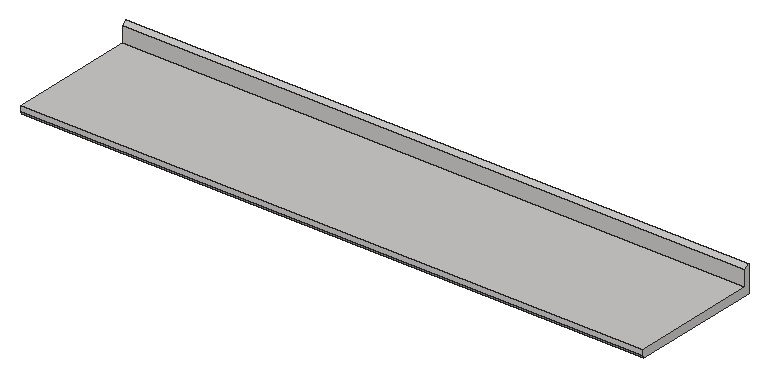
Revit family "QF_ELECTROLUXPROFESSIONAL_121171_TPLA33A", category Attrezzature speciali, Revit 2020
Family settings
  Quota connettore circolare = Usa diametro
  Tipo di parte = Normale
  Basato su piano di lavoro = No
  Sempre verticale = Sì
  Taglio con vuoti quando caricato = No
  Condiviso = No
  Punto di calcolo locali = No
Parameters (values of type "Standard")
  Weight = 104.00 kg
  Watts = 0 W
  Volts = 0 V
  URL Manufacturer = "https://www.electroluxprofessional.com/"
  URL = "https://www.electroluxprofessional.com/"
  Steam Supply Size = 0 mm
  Steam Supply Minimum Pressure = 0.0 Pa
  Steam Supply Maximum Pressure = 0.0 Pa
  Steam Consumption per Hour = 0
  Refrigeration Suction Line Size = 0.0 mm
  Refrigeration Liquid Line Size = 0.0 mm
  Refrigerant Compressor Remote = yes
  Prospetto di default = 0.0 mm
  Phase = 0
  Modello = "TPLA33A"
  Produttore = "Electrolux Professional"
  Length Actual = 3300.0 mm  # constant formula
  Item Number = "121171"
  Hot Water Size = 0 mm
  Height Actual = 140.0 mm  # constant formula
  HP = "0 HP"
  Gas Size = 0 mm
  Gas KW = 0
  Gas Input Pressure = 0 W
  Direct Waste Size = 0 mm
  Descrizione = "WORK TOP WITH UPSTAND 3300MM"
  Depth Actual = 700.0 mm  # constant formula
  Cycle = 0 Hz
  Condensate Return Size = 0 mm
  Compressed Air Volume = 0.0 L/s
  Compressed Air Size = 0 mm
  Compressed Air Pressure = 0.0 Pa
  Cold Water Size = 0 mm
  Accessory = yes
Reference planes
  plane 1 "Center (Front/Back)": y = 0
  plane 2: z = 0
  plane 3 "Center (Left/Right)": x = -1150
  plane 4 "LEFT": x = -2800
  plane 5 "RIGHT": x = 500
  plane 6 "BACK": y = 350
  plane 7 "FRONT": y = -350
  plane 8 "TOP": z = 1000
  plane 9: z = 900
  plane 10: z = 860
Forms (mm)
  Extrusion 1, solid, material "QF_Finishes_Stainless Steel"
    sketch origin (-1150, 0, 0) x (0, 1, 0) y (0, 0, 1)
      loop
        line (350, 1000) -> (330, 980) -> (330, 900) -> (-350, 900) -> (-350, 870) -> (-340, 860) -> (350, 860) -> (350, 1000)
    from 1650 to -1650
Lines and regions (mm)
  symbolic lines
    curve 1: line (500, 350, 1000) -> (-2800, 350, 1000)
    curve 2: line (-2800, 350, 1000) -> (-2800, -350, 1000)
    curve 3: line (-2800, -350, 1000) -> (500, -350, 1000)
    curve 4: line (500, -350, 1000) -> (500, 350, 1000)
    curve 5: line (-2800, 330, 1000) -> (500, 330, 1000)
Dimensions and locks
  plane 4 "LEFT" to plane 5 "RIGHT" = 3300.0 mm
  equal spacing: plane 4 "LEFT", plane 3 "Center (Left/Right)", plane 5 "RIGHT"
  plane 6 "BACK" to plane 7 "FRONT" = 700.0 mm
  equal spacing: plane 6 "BACK", plane 1 "Center (Front/Back)", plane 7 "FRONT"
  locked: plane 8 "TOP" to plane 9 at 100
  locked: plane 6 "BACK" to Extrusion 1 sketch curve at 20
  plane 10 to level = 860.0 mm
  plane 8 "TOP" to plane 10 = 140.0 mm
  aligned and locked: level to plane 2
  aligned and locked: Extrusion 1 to plane 4 "LEFT"
  aligned and locked: plane 5 "RIGHT" to Extrusion 1
  aligned and locked: curve 2 to plane 4 "LEFT"
  aligned and locked: Extrusion 1 sketch curve to plane 9
  aligned and locked: Extrusion 1 sketch curve to plane 6 "BACK"
  aligned and locked: plane 7 "FRONT" to Extrusion 1 sketch curve
  aligned and locked: plane 10 to Extrusion 1 sketch curve
Automatic sketch dimensions
  curve 3 to plane 7 "FRONT" = 0.0 mm
  curve 4 to plane 5 "RIGHT" = 0.0 mm
  curve 4 to plane 6 "BACK" = 0.0 mm
  curve 5 to plane 6 "BACK" = 20.0 mm
  Extrusion 1 sketch curve to plane 8 "TOP" = 0.0 mm
  Extrusion 1 sketch curve to plane 8 "TOP" = 20.0 mm
  plane 7 "FRONT" to Extrusion 1 sketch curve = 10.0 mm
  level to Extrusion 1 sketch curve = 870.0 mm
